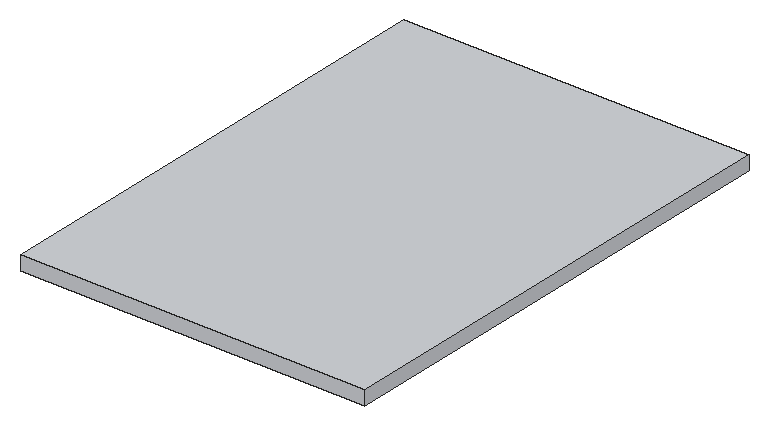
Revit family "MLS3-M", category Lighting Fixtures, host Face, Revit 2019
Family settings
  Host = Face
  Round Connector Dimension = Use Diameter
  Part Type = Normal
  OmniClass Number = 23.80.70.11
  OmniClass Title = Luminaries for Internal Lighting
  Cut with Voids When Loaded = No
  Light Source = Yes
  Shared = No
  Room Calculation Point = No
Parameters
  Final Hanging Points [instance] = if(Fixture Length > 12' 0", 3, No of Hanging Points)  # 2
  No of Hanging Points = 2
  Emit from Rectangle Width = 2' - 0"
  Emit from Rectangle Length = 4' - 0"
  Emit Shape Visible in Rendering = no
  Default Elevation [instance] = 4' - 0"
  Cable Suspension [instance] = 1' - 6"
  Wattage Comments = ""
  Wattage = 7.40531 W
  built-in parameter 1150110 = 1 (stored number, unit not read)
  Voltage Comment = "120/277 UNV Volt"
  Voltage [instance] = 120 V
  URL = "https://mercltg.com/product/mls3-m/"
  built-in parameter 1114217 = 1 (stored number, unit not read)
  Tilt Angle = 90.00°
  built-in parameter 1150109 = 1 (stored number, unit not read)
  built-in parameter 1150134 = (empty or 0)
  built-in parameter 1150113 = 1 (stored number, unit not read)
  No of Poles [instance] = 1
  Model = "MLS3-M"
  Manufacturer = "Mercury Lighting"
  Load Classifcation = Lighting
  Load [instance] = 0 W
  Photometric Web File = "mer11654729.13-MLS3-M-48-950-35K-HTA-1-U.ies"
  Lumens = 1100 lm
  built-in parameter 1150115 = 1 (stored number, unit not read)
  built-in parameter 1150105 = 87.535 (stored number, unit not read)
  built-in parameter 1150137 = (empty or 0)
  built-in parameter 1150139 = (empty or 0)
  Lens = Acrylic
  built-in parameter 1150112 = 1 (stored number, unit not read)
  built-in parameter 1150114 = 1 (stored number, unit not read)
  Lamp = "LED"
  built-in parameter 1150132 = 2
  built-in parameter 1150102 = (empty or 0)
  built-in parameter 1150138 = (empty or 0)
  built-in parameter 1150107 = 3000 (stored number, unit not read)
  built-in parameter 1150106 = 0.87535 (stored number, unit not read)
  Housing = Metal, Paint Finish, White, Matte
  Fixture Length [instance] = 4' - 0"
  Fixture width = 0' - 3"
  built-in parameter 1150104 = 13.8 (stored number, unit not read)
  Dimming Lamp Color Temperature Shift = (empty or 0)
  Color Filter = 16777215
  built-in parameter 1114218 = 1 (stored number, unit not read)
  built-in parameter 1150133 = 10 (stored number, unit not read)
  Apparent Load = 0 VA
Reference planes (in)
  plane 1 "Light Source Axis (F/B)": y = 0
  plane 2 "Ceiling": z = 0
  plane 3 "Light Source Axis (L/R)": x = 0
  plane 4 "Light Source Elevation": z = -20.5
  plane 5: x = 24
  plane 6: x = -24
  plane 7: x = 23.9375
  plane 8: x = -23.9375
  plane 9: z = -18
  plane 10: x = -23.5
  plane 11: x = 23.5
  plane 12: z = 0
Forms (in)
  Extrusion 1, solid, material "Metal, Paint Finish, White, Matte" <- "Housing"
    sketch origin (0, 0, -2.25) x (0, 1, 0) y (0, 0, 1)
      loop
        line (1.5, -15.75) -> (-1.5, -15.75) -> (-1.5, -19.25) -> (1.5, -19.25) -> (1.5, -15.75)
    from -24 to 24
  Extrusion 2, void
    sketch origin (0, 0, 0) x (0, 1, 0) y (0, 0, 1)
      loop
        line (1.4375, -21.5) -> (1.4375, -20.5) -> (-1.4375, -20.5) -> (-1.4375, -21.5) -> (1.4375, -21.5)
    from -23.9375 to 23.9375
  Extrusion 3, solid, material "Acrylic" <- "Lens"
    sketch origin (0, 0, 0) x (0, 1, 0) y (0, 0, 1)
      loop
        line (1.4375, -21.5) -> (1.4375, -21.375) -> (-1.4375, -21.375) -> (-1.4375, -21.5) -> (1.4375, -21.5)
    from -23.9375 to 23.9375
  Extrusion 4, solid
    sketch origin (0, 0, 0) x (1, 0, 0) y (0, 1, 0)
      loop
        line (-148, -206) -> (148, -206) -> (148, 206) -> (-148, 206) -> (-148, -206)
    from 0 to 12
Cuts and joins
  Extrusion 2 cuts Extrusion 1
Dimensions and locks (in)
  equal spacing: Extrusion 1 sketch curve, imposter light, Extrusion 1 sketch curve
  "Fixture width": Extrusion 1 sketch curve to Extrusion 1 sketch curve
  locked: Extrusion 1 sketch curve to Extrusion 1 sketch curve at 3.5
  equal spacing: plane 5, plane 3 "Light Source Axis (L/R)", plane 6
  "Fixture Length": plane 5 to plane 6
  locked: plane 8 to plane 6 at 0.0625
  locked: plane 7 to plane 5 at 0.0625
  locked: cut or joined group of Extrusion 1, Extrusion 2 to Extrusion 2 sketch curve at 0.0625  (x2)
  locked: Extrusion 2 sketch curve to Extrusion 2 sketch curve at 1
  locked: Extrusion 3 sketch curve to Extrusion 3 sketch curve at 0.125
  "Cable Suspension": plane 2 "Ceiling" to plane 9
  plane 9 to plane 4 "Light Source Elevation" to Extrusion 3 = 0' - 2 1/2" locked, 0' - 0 7/8" locked
  locked: plane 10 to plane 6 at 0.5
  locked: plane 5 to plane 11 at 0.5
  group 1 to group 2 = 3' - 11"
  group 1 to group 2 = 0' - 0"  (x2)
  aligned and locked: plane 3 "Light Source Axis (L/R)" to imposter light
  aligned and locked: plane 1 "Light Source Axis (F/B)" to imposter light
  aligned and locked: plane 4 "Light Source Elevation" to imposter light
  aligned and locked: plane 5 to Extrusion 1
  aligned and locked: Extrusion 1 to plane 6
  aligned and locked: plane 7 to Extrusion 2
  aligned and locked: Extrusion 2 to plane 8
  aligned and locked: plane 7 to Extrusion 3
  aligned and locked: Extrusion 3 to plane 8
  aligned and locked: cut or joined group of Extrusion 1, Extrusion 2 to Extrusion 2 sketch curve
  aligned and locked: cut or joined group of Extrusion 1, Extrusion 2 to Extrusion 3 sketch curve
  aligned and locked: imposter light to cut or joined group of Extrusion 1, Extrusion 2
  aligned and locked: Extrusion 3 sketch curve to cut or joined group of Extrusion 1, Extrusion 2  (x2)
  aligned and locked: plane 1 "Light Source Axis (F/B)" to nested 1
  aligned and locked: plane 10 to nested 1
  aligned and locked: plane 9 to nested 1
  aligned and locked: plane 11 to nested 2
Automatic sketch dimensions
  Extrusion 4 sketch curve to Extrusion 4 sketch curve = 24' - 8"
  Extrusion 4 sketch curve to Extrusion 4 sketch curve = 34' - 4"
  plane 9 to Extrusion 1 sketch curve = 0' - 0"
Nested families (in)
  nested 1: "Round Canopy" at (-23.5, 0, 0), Cord Height <- "Cable Suspension", type "Round Canopy"
    with Default Elevation 4' - 0", Cord Height 1' - 6", Canopy Width 0' - 1"
  nested 2: "Round Canopy" at (23.5, 0, 0), Cord Height <- "Cable Suspension", type "Round Canopy"
    with Default Elevation 4' - 0", Cord Height 1' - 6", Canopy Width 0' - 1"
Connectors (in)
  electrical at (-23.5, 0, 0), driven by "No of Poles", driven by "Load Classifcation", driven by "Voltage", driven by "Load"
    settings: on nested 1, index 1, voltage 120 V, apparent load 0 VA, apparent load phase1 0 VA, apparent load phase2 0 VA, apparent load phase3 0 VA, power factor 1, load classification "Lighting", number of poles 1, system type 31, power factor state 1, is connector primary yes, connector utility no, sub classification motor no, connector description ""
Definition of nested family "Round Canopy"
  Parameters (values of type "Round Canopy")
    Default Elevation [instance] = 4' - 0"
    Cord Height [instance] = 1' - 0"
    Canopy Width [instance] = 0' - 1"
  Reference planes (in)
    plane 1 "Center (Front/Back)": y = 0
    plane 2 "Ceiling": z = 0
    plane 3 "Center (Left/Right)": x = 0
    plane 4: z = 0
  Forms (in)
    Revolve 1, solid
      sketch origin (0, 0, 0) x (1, 0, 0) y (0, 0, 1)
        loop
          line (0.1679, -12) -> (0.1679, -10.8) -> (0.03125, -10.8) -> (0.03125, -1.57425) -> (0.20625, -1.57425) -> (0.20625, -0.37425) -> (1, -0.37425) -> (1, 0) -> (0, 0) -> (0, -12) -> (0.1679, -12)
        axis (0, 0) -> (0, -12)
      angle from 0 to 360
    Extrusion 2, solid
      sketch origin (0, 0, 0) x (1, 0, 0) y (0, 1, 0)
        loop
          line (-60, -60) -> (60, -60) -> (60, 60) -> (-60, 60) -> (-60, -60)
      from 0 to 12
  Dimensions and locks (in)
    Revolve 1 sketch curve to Revolve 1 sketch curve to Revolve 1 sketch curve = 0' - 0.13665" locked, 0' - 0 1/32" locked
    locked: Revolve 1 sketch curve to Revolve 1 sketch curve at 1.2  (x2)
    locked: Revolve 1 sketch curve to Revolve 1 sketch curve at 0.175
    locked: Revolve 1 sketch curve to Revolve 1 sketch curve at 0.37425
    "Cord Height": Revolve 1 to Revolve 1
    "Canopy Width": Revolve 1 sketch curve to Revolve 1 sketch curve
    aligned and locked: Revolve 1 sketch curve to plane 3 "Center (Left/Right)"
  Automatic sketch dimensions
    Revolve 1 sketch curve to plane 2 "Ceiling" = 0' - 0"  (x2)
    Revolve 1 sketch curve to plane 3 "Center (Left/Right)" = 0' - 0"
    Revolve 1 sketch curve to Revolve 1 sketch curve = 0' - 9.22575"
    Revolve 1 sketch curve to Revolve 1 sketch curve = 0' - 10.47575"
    Extrusion 2 sketch curve to Extrusion 2 sketch curve = 10' - 0"  (x2)
